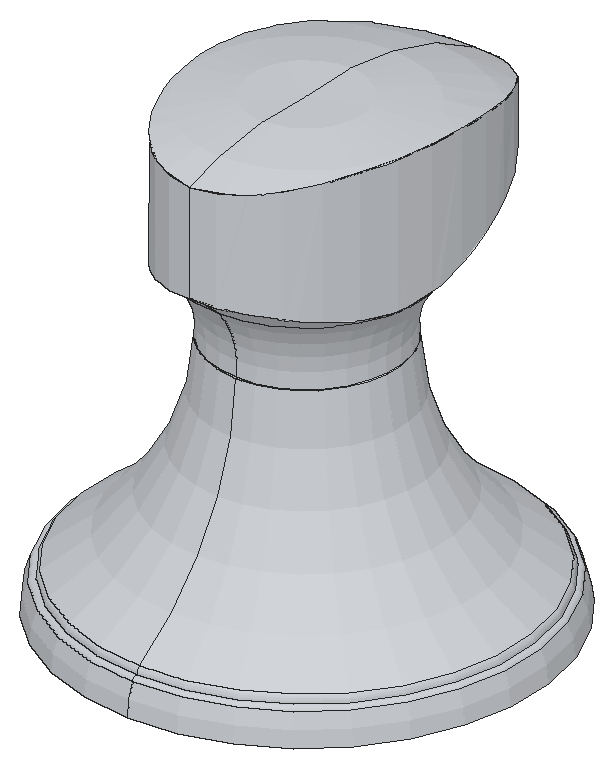
Revit family "Accessory-Robe_Hook-KOHLER-CORALAIS-K-13433T_1", category Specialty Equipment, host Face, Revit 2017
Family settings
  Host = Face
  Round Connector Dimension = Use Diameter
  Part Type = Normal
  OmniClass Number = 23.31.25.27
  OmniClass Title = Robe Hooks
  Cut with Voids When Loaded = No
  Shared = No
  Room Calculation Point = No
Parameters (values of type "CP-Polished Chrome")
  Width = 2.29921"  # constant formula
  WaterSense Certified = 1 = 0  # no
  URL = "http://www.kohler.com.cn/en/"
  Type = 1
  Product Page URL = "https://www.kohler.com.cn/product/K-13433T-CP/K-13433T-CP/"
  Product Name = "CORALAIS"  # constant formula
  Product Documentation Link = "https://files.kohler.com.cn/pdfs/13430t_13428t.pdf"
  Model = if(Type = 1, "K-13433T-CP", if(Type = 2, "K-13433T-AF", if(Type = 3, "K-13433T-BL", "NA")))  # "K-13433T-CP"
  Material = "Premium Metal Construction"  # constant formula
  Master Format 2014 Name = "Toilet, Bath, and Laundry Accessories"  # constant formula
  Master Format 2014 = "10 28 00"  # constant formula
  Manufacturer Address = "Kohler Beijing Office (100016) 36-2-03-B, No. 88, Liuxiang Road, Beijing"  # constant formula
  Manufacturer = "KOHLER Co."  # constant formula
  Length = 2.36614"  # constant formula
  Height = 2.29921"  # constant formula
  Finish = Kohler-Metal-CP-Polished_Chrome
  Environmental Product Declaration = ""
  Description = "Hook"  # constant formula
  Default Elevation = 42"
  Declare Label = ""
  Date Modified = "07/06/2020"  # constant formula
  Date Created = "07/06/2020"  # constant formula
  Copyright = "Copyright KOHLER Co."  # constant formula
  Contact Us = "http://www.kohler.com.cn/en/contact/contact-us/"
  Assembly Code = "C1030200"
  ADA Compliant = 1 = 0  # no
Types (4): name | Type | Product Page URL | Model | Finish
  (no name) | 1 | "https://www.kohler.com.cn/product/K-13433T-CP/K-13433T-CP/" | "K-13433T-CP" | Kohler-Metal-CP-Polished_Chrome
  CP-Polished Chrome | 1 | "https://www.kohler.com.cn/product/K-13433T-CP/K-13433T-CP/" | "K-13433T-CP" | Kohler-Metal-CP-Polished_Chrome
  AF-Flange Gold | 2 | "https://www.kohler.com.cn/product/K-13433T-CP/K-13433T-AF/" | "K-13433T-AF" | Kohler-Metal-AF-Flange_Gold
  BL-Matte Black | 3 | "https://www.kohler.com.cn/product/K-13433T-CP/K-13433T-BL/" | "K-13433T-BL" | Kohler-Metal-BL-Matte_Black
Reference planes (in)
  plane 1 "Center (Front/Back)": y = 0
  plane 2: z = 0
  plane 3 "Center (Left/Right)": x = 0
  plane 4: y = 1.14961
  plane 5: x = -1.15037
  plane 6: x = 1.14884
  plane 7: z = 2.36614
  plane 8: y = -1.14961
  plane 9: y = 1.10236
  plane 10: z = 0.16773
  plane 11: z = 1.25843
Dimensions and locks (in)
  "Width": plane 5 to plane 6
  "Height": plane 4 to plane 8
  locked: plane 1 "Center (Front/Back)" to plane 9 at 1.10236
  "Length": level to plane 7
  aligned and locked: plane 2 to host face
  aligned and locked: level to host face
Automatic sketch dimensions
  host sketch curve to host sketch curve = 96"  (x2)
Nested families (in)
  nested 1: "K-13433T" at (0, 0, 0), type "K-13433T"
Definition of nested family "K-13433T"
  Parameters (values of type "K-13433T")
    Material = none
  Reference planes (in)
    plane 1 "Center (Front/Back)": y = 0
    plane 2: z = 0
    plane 3 "Center (Left/Right)": x = 0
    plane 4: x = -1.15037
    plane 5: x = 1.15037
    plane 6: z = 2.36571
    plane 7: y = 1.14961
    plane 8: y = -1.14961
    plane 9: z = 0.15534
    plane 10: y = 1.10236
    plane 11: z = 1.25843
    plane 12: z = 1.25213
  Forms (in)
    Revolve 1, solid, material <- "Material", detail levels medium+fine
      sketch origin (0, 0, 0) x (0, 1, 0) y (0, 0, 1)
        loop
          line (0, 1.28366) -> (-0.42039, 1.28366) -> (-0.42039, 1.25213) -> (-0.45296, 1.25213)
          arc (-0.45296, 1.25213) -> (-0.63015, 0.65047) -> (-1.07074, 0.20406) r 1.28666
          arc (-1.07074, 0.20406) -> (-1.08238, 0.18748) -> (-1.08691, 0.16773) r 0.05278
          arc (-1.08691, 0.16773) -> (-1.10605, 0.16581) -> (-1.11917, 0.15175) r 0.02729
          arc (-1.11917, 0.15175) -> (-1.14204, 0.07735) -> (-1.15079, 0) r 0.41988
          line (-1.15079, 0) -> (0, 0) -> (0, 1.28366)
        axis (0, 1.28366) -> (0, 0)
      angle from 0 to 360
    Extrusion 2, void
      sketch origin (0, 0, 0) x (1, 0, 0) y (0, 1, 0)
        loop
          line (1.30132, -1.30493) -> (1.30132, 1.12427) -> (-1.2274, 1.12427) -> (-1.2274, -1.30493) -> (1.30132, -1.30493)
        loop
          spline (-0.00035, 1.09333) -> (-0.15343, 1.06187) -> (-0.29608, 0.96961) -> (-0.41858, 0.82286) -> (-0.51257, 0.63161) -> (-0.57166, 0.40889) -> (-0.59181, 0.16988) -> (-0.57166, -0.06912) -> (-0.51257, -0.29184) -> (-0.41858, -0.4831) -> (-0.29608, -0.62985) -> (-0.15343, -0.7221) -> (-0.00035, -0.75357)
          spline (-0.00035, -0.75357) -> (0.15273, -0.7221) -> (0.29539, -0.62985) -> (0.41788, -0.4831) -> (0.51188, -0.29184) -> (0.57096, -0.06912) -> (0.59112, 0.16988) -> (0.57096, 0.40889) -> (0.51188, 0.63161) -> (0.41788, 0.82286) -> (0.29539, 0.96961) -> (0.15273, 1.06187) -> (-0.00035, 1.09333)
      from 1.55997 to 2.40951
    Revolve 3, solid, material <- "Material", detail levels medium+fine
      sketch origin (0, 0, 0) x (0, 1, 0) y (0, 0, 1)
        loop
          line (0, 1.25843) -> (0.45217, 1.25843)
          arc (0.45217, 1.25843) -> (0.47428, 1.44717) -> (0.57401, 1.60892) r 0.43941
          arc (0.57401, 1.60892) -> (0.77312, 1.76407) -> (1.00703, 1.85892) r 0.91508
          arc (1.00703, 1.85892) -> (1.02618, 1.86945) -> (1.03772, 1.888) r 0.04318
          line (1.03772, 1.888) -> (1.09118, 2.06043)
          arc (1.09118, 2.06043) -> (1.09013, 2.08858) -> (1.07208, 2.1102) r 0.04356
          arc (1.07208, 2.1102) -> (0.55584, 2.31916) -> (0, 2.35385) r 1.73537
          line (0, 2.35385) -> (0, 1.25843)
        axis (0, 1.25843) -> (0, 2.35385)
      angle from 0 to 360
    Revolve 4, solid, material <- "Material", detail levels coarse
      sketch origin (0, 0, 0) x (0, 1, 0) y (0, 0, 1)
        loop
          line (0, 0) -> (1.15079, 0)
          arc (1.15079, 0) -> (1.14219, 0.07666) -> (1.11886, 0.15019) r 0.39532
          arc (1.11886, 0.15019) -> (1.10591, 0.16447) -> (1.08691, 0.16773) r 0.02957
          arc (1.08691, 0.16773) -> (1.08245, 0.18751) -> (1.07074, 0.20406) r 0.05184
          arc (1.07074, 0.20406) -> (0.54073, 0.82725) -> (0.50082, 1.64436) r 1.2698
          line (0.50082, 1.64436) -> (0, 1.64436) -> (0, 0)
        axis (0, 1.64436) -> (0, 0)
      angle from 0 to 360
    Extrusion 5, solid, material <- "Material", detail levels coarse
      sketch origin (0, 0, 0) x (0, 1, 0) y (0, 0, 1)
        loop
          line (-0.75271, 2.33621) -> (-0.75271, 1.51803) -> (0.63791, 1.51803)
          arc (0.63791, 1.51803) -> (0.747, 1.53008) -> (0.85084, 1.56564) r 0.5
          arc (0.85084, 1.56564) -> (1.07336, 2.01993) -> (0.67856, 2.33621) r 0.40454
          line (0.67856, 2.33621) -> (-0.75271, 2.33621)
      from -0.59424 to 0.60686
  Cuts and joins
    Extrusion 2 cuts Revolve 3
    joined: Revolve 1, Revolve 3
    joined: Revolve 4, Extrusion 5
  Lines and regions (in)
    Masking region 1
      outline origin (0, 0, 0) x (1, 0, 0) y (0, 1, 0)
        loop
          circle (0, 0) r 1.14961
    Masking region 2
      outline origin (0, 0, 0) x (1, 0, 0) y (0, 0, 1)
        loop
          line (0, 0) -> (1.15037, 0)
          arc (1.15037, 0) -> (1.1419, 0.07838) -> (1.11819, 0.15357) r 0.39926
          arc (1.11819, 0.15357) -> (1.1053, 0.16673) -> (1.08691, 0.16773) r 0.02542
          arc (1.08691, 0.16773) -> (1.08369, 0.18699) -> (1.0725, 0.20299) r 0.04432
          arc (1.0725, 0.20299) -> (0.63077, 0.64964) -> (0.45296, 1.25213) r 1.28752
          line (0.45296, 1.25213) -> (0.45296, 1.29112)
          arc (0.45296, 1.29112) -> (0.48274, 1.46921) -> (0.58393, 1.61874) r 0.42392
          arc (0.58393, 1.61874) -> (0.59144, 1.63355) -> (0.59234, 1.65013) r 0.04028
          line (0.59234, 1.65013) -> (0.59234, 2.30765)
          arc (0.59234, 2.30765) -> (0.29838, 2.35892) -> (0, 2.36197) r 1.83844
          arc (0, 2.36197) -> (-0.29838, 2.35892) -> (-0.59234, 2.30765) r 1.83844
          line (-0.59234, 2.30765) -> (-0.59234, 1.65013)
          arc (-0.59234, 1.65013) -> (-0.59144, 1.63355) -> (-0.58393, 1.61874) r 0.04028
          arc (-0.58393, 1.61874) -> (-0.48274, 1.46921) -> (-0.45296, 1.29112) r 0.42392
          line (-0.45296, 1.29112) -> (-0.45296, 1.25213)
          arc (-0.45296, 1.25213) -> (-0.63077, 0.64964) -> (-1.0725, 0.20299) r 1.28752
          arc (-1.0725, 0.20299) -> (-1.08369, 0.18699) -> (-1.08691, 0.16773) r 0.04432
          arc (-1.08691, 0.16773) -> (-1.1053, 0.16673) -> (-1.11819, 0.15357) r 0.02542
          arc (-1.11819, 0.15357) -> (-1.1419, 0.07838) -> (-1.15037, 0) r 0.39926
          line (-1.15037, 0) -> (0, 0)
    Masking region 3
      outline origin (0, 0, 0) x (0, 1, 0) y (0, 0, 1)
        loop
          arc (1.15079, 0) -> (1.14219, 0.07666) -> (1.11886, 0.15019) r 0.39532
          arc (1.11886, 0.15019) -> (1.10591, 0.16447) -> (1.08691, 0.16773) r 0.02957
          arc (1.08691, 0.16773) -> (1.08245, 0.18751) -> (1.07074, 0.20406) r 0.05184
          arc (1.07074, 0.20406) -> (0.62623, 0.65191) -> (0.45217, 1.25843) r 1.2698
          arc (0.45217, 1.25843) -> (0.46172, 1.39878) -> (0.5134, 1.52963) r 0.45834
          arc (0.5134, 1.52963) -> (0.72629, 1.73665) -> (0.99798, 1.85649) r 0.83858
          arc (0.99798, 1.85649) -> (1.02302, 1.86665) -> (1.03817, 1.88903) r 0.04646
          line (1.03817, 1.88903) -> (1.09118, 2.06043)
          arc (1.09118, 2.06043) -> (1.09044, 2.08837) -> (1.07238, 2.10971) r 0.04217
          arc (1.07238, 2.10971) -> (0.55529, 2.31774) -> (0, 2.36571) r 1.88794
          arc (0, 2.36571) -> (-0.38213, 2.35245) -> (-0.75357, 2.2617) r 1.86912
          line (-0.75357, 2.2617) -> (-0.75357, 1.75246)
          arc (-0.75357, 1.75246) -> (-0.52209, 1.55107) -> (-0.45296, 1.25213) r 0.49704
          arc (-0.45296, 1.25213) -> (-0.62882, 0.64968) -> (-1.07074, 0.20406) r 1.27535
          arc (-1.07074, 0.20406) -> (-1.08245, 0.18751) -> (-1.08691, 0.16773) r 0.05184
          arc (-1.08691, 0.16773) -> (-1.10591, 0.16447) -> (-1.11886, 0.15019) r 0.02957
          arc (-1.11886, 0.15019) -> (-1.14219, 0.07666) -> (-1.15079, 0) r 0.39532
          line (-1.15079, 0) -> (1.15079, 0)
    symbolic lines, detail levels medium+fine
      curve 1: circle (0, 0, 0) r 1.11682 normal (0, 0, 1)
      curve 2: arc (-0.22167, 1.0326, 0) -> (0, -1.05612, 0) -> (0.22167, 1.0326, 0) r 1.05612
      curve 3: arc (-0.57639, 0, 2.31443) -> (0.00053, 0, 2.2617) -> (0.57745, 0, 2.31443) r 3.18286
      curve 4: arc (0.59087, 0, 2.1132) -> (-0.00037, 0, 2.0618) -> (-0.59162, 0, 2.1132) r 3.42615
      curve 5: arc (-0.5838, 0, 1.61885) -> (-0.56443, 0, 1.61164) -> (-0.54382, 0, 1.61323) r 0.0481
      curve 6: arc (-0.54382, 0, 1.61323) -> (-0.50106, 0, 1.62595) -> (-0.46013, 0, 1.64369) r 0.37141
      curve 7: arc (-0.46013, 0, 1.64369) -> (-0.23654, 0, 1.72548) -> (0, 0, 1.75245) r 1.00627
      curve 8: arc (0.5838, 0, 1.61885) -> (0.56443, 0, 1.61164) -> (0.54382, 0, 1.61323) r 0.0481
      curve 9: arc (0.54382, 0, 1.61323) -> (0.50106, 0, 1.62595) -> (0.46013, 0, 1.64369) r 0.37141
      curve 10: arc (0.46013, 0, 1.64369) -> (0.23654, 0, 1.72548) -> (0, 0, 1.75245) r 1.00627
      curve 11: line (-0.45296, 0, 1.25843) -> (0.45296, 0, 1.25843)
      curve 12: line (0.45296, 0, 1.25213) -> (-0.45296, 0, 1.25213)
      curve 13: line (1.08691, 0, 0.16773) -> (-1.08691, 0, 0.16773)
      curve 14: line (-1.07074, 0, 0.20406) -> (1.07074, 0, 0.20406)
      curve 15: line (-1.11841, 0, 0.15534) -> (1.11766, 0, 0.15534)
      curve 16: spline (0, 1.10236, 0) -> (0.15119, 1.07058, 0) -> (0.29207, 0.9774, 0) -> (0.41306, 0.82917, 0) -> (0.50589, 0.636, 0) -> (0.56425, 0.41104, 0) -> (0.58415, 0.16964, 0) -> (0.56425, -0.07177, 0) -> (0.50589, -0.29673, 0) -> (0.41306, -0.4899, 0) -> (0.29207, -0.63813, 0) -> (0.15119, -0.73131, 0) -> (0, -0.76309, 0) -> (-0.15119, -0.73131, 0) -> (-0.29207, -0.63813, 0) -> (-0.41306, -0.4899, 0) -> (-0.50589, -0.29673, 0) -> (-0.56425, -0.07177, 0) -> (-0.58415, 0.16964, 0) -> (-0.56425, 0.41104, 0) -> (-0.50589, 0.636, 0) -> (-0.41306, 0.82917, 0) -> (-0.29207, 0.9774, 0) -> (-0.15119, 1.07058, 0) -> (0, 1.10236, 0)
      curve 17: arc (0, 1.09044, 2.08837) -> (0, 0.18055, 2.30389) -> (0, -0.75357, 2.2617) r 3.37786
      curve 18: arc (0, -0.75357, 1.75246) -> (0, -0.12857, 1.61792) -> (0, 0.49643, 1.75246) r 1.51904
      curve 19: arc (0, 0.49643, 1.75246) -> (0, 0.72596, 1.81303) -> (0, 0.95881, 1.85927) r 3.82754
      curve 20: arc (0, 0.95881, 1.85927) -> (0, 0.98947, 1.87179) -> (0, 1.01173, 1.89632) r 0.0749
      curve 21: line (0, 1.01173, 1.89632) -> (0, 1.09323, 2.07291)
      curve 22: line (0, -0.45217, 1.25843) -> (0, 0.45217, 1.25843)
      curve 23: line (0, 0.45217, 1.25843) -> (0, -0.45217, 1.25843)
      curve 24: line (0, -0.45296, 1.25213) -> (0, 0.45296, 1.25213)
      curve 25: line (0, 1.07074, 0.20406) -> (0, -1.07074, 0.20406)
      curve 26: line (0, 1.08691, 0.16773) -> (0, -1.08691, 0.16773)
      curve 27: line (0, 1.11602, 0.15534) -> (0, -1.11602, 0.15534)
  Dimensions and locks (in)
    aligned and locked: plane 2 to level
